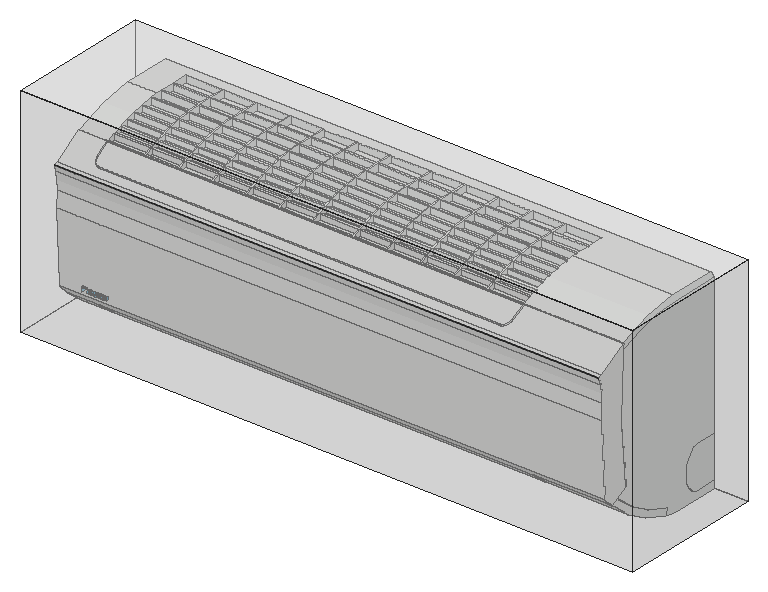
Revit family "outputfile", category 機械設備, Revit 2024
Family settings
  丸型コネクタ寸法 = 半径を使用
  パーツ タイプ = 標準
  OmniClass 番号 = 23.75.10.24.21.27.27
  OmniClass タイトル = Split System Air Conditioning Units
  作業面ベース = いいえ
  常に垂直 = はい
  ロード時にボイドで切り取り = いいえ
  注釈の向きを維持 = いいえ
  共有 = いいえ
  部屋計算ポイント = いいえ
Parameters (values of type "FTV35PBV1MF9")
  Description = ""
  製造元 = "Daikin"
  書き出し IFC クラス(タイプ) = "IfcUnitaryEquipmentType"
  定義済み IFC タイプ(タイプ) = "AIRCONDITIONINGUNIT"
  Cost = 0
  モデル = "FTV35PBV1MF9"
  Type Comments = ""
  Keynote = ""
  Type Image = (empty or 0)
  Assembly Code = ""
  switch_frequency = yes
  r_Liquid Pipe Size = Liquid Pipe Size / 2  # 3.2 mm
  r_Gas Pipe Size = Gas Pipe Size / 2  # 4.75 mm
  r_Drain Pipe Size = Drain Pipe Size / 2  # 9.55 mm
  lw_powersupply [instance] = if(or(Rear Right Connection_refrigerant, Bottom Right Connection_refrigerant), 65.0 mm + 5.3 mm, if(or(Rear Left Connection_refrigerant, Bottom Left Connection_refrigerant), 742.0 mm + 30.0 mm, 400.0 mm))  # 400.0 mm
  lw_liquidpipe [instance] = if(or(Rear Right Connection_refrigerant, Bottom Right Connection_refrigerant), 9.0 mm, if(or(Rear Left Connection_refrigerant, Bottom Left Connection_refrigerant), 668.0 mm + 40.0 mm, 800.0 mm - 592.0 mm - 48.0 mm))  # 160.0 mm
  lw_gaspipe [instance] = if(or(Rear Right Connection_refrigerant, Bottom Right Connection_refrigerant), 0.0 mm, if(or(Rear Left Connection_refrigerant, Bottom Left Connection_refrigerant), 661.0 mm + 30.0 mm, 800.0 mm - 592.0 mm - 49.0 mm - 48.0 mm))  # 111.0 mm
  lw_drainpipe [instance] = if(or(Rear Right Connection_refrigerant, Bottom Right Connection_refrigerant), 0.0 mm, if(or(Rear Left Connection_refrigerant, Bottom Left Connection_refrigerant), 675.0 mm + 30.0 mm, 0.0 mm))  # 0.0 mm
  l_powersupply_length [instance] = if(Right Connection_refrigerant, 400.0 mm, if(Left Connection_refrigerant, 800.0 mm - 400.0 mm, if(or(Rear Left Connection_refrigerant, Rear Right Connection_refrigerant), 15.0 mm, 40.0 mm)))  # 400.0 mm
  l_liquidpipe_length [instance] = if(Right Connection_refrigerant, 800.0 mm - 592.0 mm, if(Left Connection_refrigerant, 800.0 mm - (800.0 mm - 592.0 mm), if(or(Rear Left Connection_refrigerant, Rear Right Connection_refrigerant), 30.0 mm, 40.0 mm)))  # 208.0 mm
  l_gaspipe_length [instance] = if(Right Connection_refrigerant, 800.0 mm - 592.0 mm - 49.0 mm, if(Left Connection_refrigerant, 800.0 mm - (800.0 mm - 592.0 mm - 49.0 mm), if(or(Rear Left Connection_refrigerant, Rear Right Connection_refrigerant), 40.0 mm, 40.0 mm)))  # 159.0 mm
  l_drainpipe_length [instance] = if(Right Connection_refrigerant, 48.0 mm, if(Left Connection_refrigerant, 800.0 mm - 48.0 mm, if(or(Rear Left Connection_refrigerant, Rear Right Connection_refrigerant), 15.0 mm, 20.0 mm)))  # 48.0 mm
  h*** = 0.0 mm  # constant formula
  connector_voltage = Voltage_50Hz  # 230 V
  connector_powerinput = [Power Input (Cooling)]  # 1.040 kW
  connector_phase = Phase_50Hz  # 1
  angle_vertical [instance] = if(or(Bottom Left Connection_refrigerant, Bottom Right Connection_refrigerant), 0.00°, 90.00°)  # 90.00°
  angle_horizontal [instance] = if(Right Connection_refrigerant, 90.00°, if(Left Connection_refrigerant, -90.00°, if(or(Rear Left Connection_refrigerant, Rear Right Connection_refrigerant), 180.00°, 0.00°)))  # 90.00°
  Width = 800.0 mm
  Voltage_comment_50Hz = "220 - 240"
  Voltage_50Hz = 230 V
  Version = "ver.1.0"
  Unit Type = "Wall Mounted"
  Unit Mass Weight = 9.00 kg
  Unit Designation [instance] = ""
  Uniclass2015Version = "Products v1.30"
  Uniclass2015Title = "Split coil room air conditioning units"
  Uniclass2015Code = "Pr_70_65_03_86"
  URL = ""
  Total Cooling Capacity [instance] = 0.000 kW
  Sound Pressure Level_M speed (dBA) = 35
  Sound Pressure Level_L speed (dBA) = 29
  Sound Pressure Level_H speed (dBA) = 39
  Sound Power Level_H speed (dB) = 0
  Series = "Single Split_Fan Coil Unit"
  Sensible Cooling Capacity [instance] = 0.000 kW
  Refrigerant Type = "R32"
  Power Input (Cooling) = 1.040 kW
  Phase_50Hz = 1
  Option Accessory 3 [instance] = ""
  Option Accessory 2 [instance] = ""
  Option Accessory 1 [instance] = ""
  Nominal Cooling Capacity = 3.520 kW
  Minimum Circuit Amps_50Hz = 7.54 A
  Minimum Airflow = 411.00 m³/h
  Median Airflow = 506.00 m³/h
  Maximum Fuse Amps_50Hz = 16.0 A
  Maximum Airflow = 603.00 m³/h
  Material_Casing = DAIKIN_White_Casing_indoorunit
  Load Classification = HVAC
  Liquid Pipe Size = 6.4 mm
  Link_Nested Family [instance] = ""
  IfcVersion = ""
  IfcExportType = "AIRCONDITIONINGUNIT"
  IfcExportAs = "IfcUnitaryEquipmentType"
  Height = 288.0 mm
  Heat Exchanger Type = "Cross Fin Coil"
  Gas Pipe Size = 9.5 mm
  Frequency_50Hz = 50 Hz
  Fan Type = "Cross Flow Fan"
  Fan Drive = "-"
  FCU Tag No. [instance] = ""
  Drain Pipe Size = 19.1 mm
  Design Supply Airflow [instance] = 0.00 m³/h
  Depth = 212.0 mm
  既定の高さ = 0.0 mm
  Cooling Entering Wet Bulb Temperature [instance] = 0.00 °C
  Cooling Entering Dry Bulb Temperature [instance] = 0.00 °C
  Cooling Ambient Wet Bulb Temperature [instance] = 0.00 °C
  Cooling Ambient Dry Bulb Temperature [instance] = 0.00 °C
  Clearance visibility [instance] = yes
  Clearance Top = 30.0 mm
  Clearance Right = 50.0 mm
  Clearance Rear = 0.0 mm
  Clearance Left = 50.0 mm
  Clearance Front = 0.0 mm
  Clearance Bottom = 0.0 mm
  Bottom Right Connection_refrigerant [instance] = no
  Bottom Left Connection_refrigerant [instance] = no
  Rear Right Connection_refrigerant [instance] = no
  Rear Left Connection_refrigerant [instance] = no
  Right Connection_refrigerant [instance] = yes
  Left Connection_refrigerant [instance] = no
Reference planes
  plane 1 "Back": y = 0
  plane 2: z = 0
  plane 3 "Center (Left/Right)": x = 0
  plane 4 "Center (Front/Back)": y = -106
  plane 5 "Front": y = -212
  plane 6 "Left": x = -400
  plane 7 "Right": x = 400
  plane 8 "Top": z = 0
  plane 9 "Bottom": z = -288
  plane 10: x = -450
  plane 11: x = 450
  plane 12: y = 0
  plane 13: y = -212
  plane 14: z = 30
  plane 15: z = -288
  plane 16 "lw_Piping and Wiring intake": x = 352
  plane 17 "lw_gaspipe": x = 241
  plane 18 "lw_liquidpipe": x = 192
  plane 19 "lw_drainpipe": x = 352
  plane 20 "lh_drainpipe": z = -268
  plane 21 "lh_liquidpipe": z = -248
  plane 22 "lh_gaspipe": z = -248
  plane 23 "ld_drainpipe": y = -15
  plane 24 "ld_liquidpipe": y = -30
  plane 25 "ld_gaspipe": y = -40
  plane 26 "lw_powersupply": x = 0
Dimensions and locks
  equal spacing: plane 6 "Left", plane 3 "Center (Left/Right)", plane 7 "Right"
  "Width": plane 6 "Left" to plane 7 "Right"
  equal spacing: plane 5 "Front", plane 4 "Center (Front/Back)", plane 1 "Back"
  "Depth": plane 5 "Front" to plane 1 "Back"
  "Height": plane 8 "Top" to plane 9 "Bottom"
  "Clearance Rear": plane 12 to plane 1 "Back"
  "Clearance Front": plane 13 to plane 5 "Front"
  "Clearance Top": plane 14 to plane 8 "Top"
  "Clearance Bottom": plane 9 "Bottom" to plane 15
  locked: plane 16 "lw_Piping and Wiring intake" to plane 7 "Right" at 48
  "lw_gaspipe": plane 17 "lw_gaspipe" to plane 16 "lw_Piping and Wiring intake"
  "lw_liquidpipe": plane 18 "lw_liquidpipe" to plane 16 "lw_Piping and Wiring intake"
  "lw_drainpipe": plane 19 "lw_drainpipe" to plane 16 "lw_Piping and Wiring intake"
  locked: plane 20 "lh_drainpipe" to plane 9 "Bottom" at 20
  locked: plane 21 "lh_liquidpipe" to plane 9 "Bottom" at 40
  locked: plane 22 "lh_gaspipe" to plane 9 "Bottom" at 40
  locked: plane 23 "ld_drainpipe" to plane 1 "Back" at 15
  locked: plane 1 "Back" to plane 24 "ld_liquidpipe" at 30
  locked: plane 1 "Back" to plane 25 "ld_gaspipe" at 40
  "lw_powersupply": plane 26 "lw_powersupply" to plane 7 "Right"
  "Clearance Left": plane 10 to plane 6 "Left"
  "Clearance Right": plane 7 "Right" to plane 11
  plane 6 "Left" to plane 18 "lw_liquidpipe" = 592.0 mm
  plane 18 "lw_liquidpipe" to plane 17 "lw_gaspipe" = 49.0 mm
  aligned and locked: level to plane 2
  aligned and locked: plane 12 to nested 1
  aligned and locked: nested 1 to plane 13
  aligned and locked: plane 10 to nested 1
  aligned and locked: plane 11 to nested 1
  aligned and locked: plane 17 "lw_gaspipe" to nested 2
  aligned and locked: nested 2 to plane 25 "ld_gaspipe"
  aligned and locked: plane 18 "lw_liquidpipe" to nested 3
  aligned and locked: nested 3 to plane 24 "ld_liquidpipe"
  aligned and locked: plane 19 "lw_drainpipe" to nested 4
  aligned and locked: nested 4 to plane 23 "ld_drainpipe"
  aligned and locked: nested 5 to plane 23 "ld_drainpipe"
  aligned and locked: plane 26 "lw_powersupply" to nested 5
  aligned and locked: level to plane 8 "Top"
  aligned and locked: plane 14 to nested 1
  aligned and locked: plane 15 to nested 1
  aligned and locked: plane 3 "Center (Left/Right)" to nested 6
  aligned and locked: plane 1 "Back" to nested 6
  aligned and locked: plane 8 "Top" to nested 6
Nested families
  nested 1: "daikin_clearancespace" at (0, -106, -128.881), show <- "Clearance visibility", visible <- "Clearance visibility", Link_Nested Family <- "Link_Nested Family", type "daikin_clearancespace"
    with width 900.0 mm, show yes, height 318.0 mm, depth 212.0 mm, Link_Nested Family ""
  nested 2: "daikin_connector_rotate3" at (241, -40, -248), angle_vertical <- "angle_vertical", angle_horizontal <- "angle_horizontal", length <- "l_gaspipe_length", radius <- "r_Gas Pipe Size", type "daikin_connector_rotate3"
    with show no, radius 4.75 mm, length 159.0 mm, angle_vertical 90.00°, angle_horizontal 90.00°
  nested 3: "daikin_connector_rotate3" at (192, -30, -248), angle_vertical <- "angle_vertical", angle_horizontal <- "angle_horizontal", radius <- "r_Liquid Pipe Size", length <- "l_liquidpipe_length", type "daikin_connector_rotate3"
    with show no, radius 3.2 mm, length 208.0 mm, angle_vertical 90.00°, angle_horizontal 90.00°
  nested 4: "daikin_connector_rotate3" at (352, -15, -268), angle_vertical <- "angle_vertical", angle_horizontal <- "angle_horizontal", length <- "l_drainpipe_length", radius <- "r_Drain Pipe Size", type "daikin_connector_rotate3"
    with show no, radius 9.55 mm, length 48.0 mm, angle_vertical 90.00°, angle_horizontal 90.00°
  nested 5: "daikin_connector_rotate3" at (0, -15, -248), angle_vertical <- "angle_vertical", angle_horizontal <- "angle_horizontal", length <- "l_powersupply_length", type "daikin_connector_rotate3"
    with show no, radius 10.0 mm, length 400.0 mm, angle_vertical 90.00°, angle_horizontal 90.00°
  nested 6: "DAIKIN_indoorunit_FTV-PBV1MF9" at (-31, 0, 0), type "FTV-PBV1MF9"
Connectors
  piping at (400, -40, -248), diameter 9.5, driven by "r_Gas Pipe Size"
    settings: on nested 2, index 1, connector inside diameter 609.6 mm, connector length 0.0 mm, flow factor 0, pipe flow 0.00 m³/h, pressure drop 0.0 Pa, fitting loss kfactor 0, connector angle 0.00°, fixture units 0, engagement length 0.0 mm, angle of deflection 0.00°, flow configuration 1, flow direction 2, fitting loss method 0, system type 29, joint type 0, gender type 0, connector reference index -1, connector utility 0, adjustable connector no, is connector primary yes, connector description "Refrigerant Gas Piping"
  piping at (400, -30, -248), diameter 6.4, driven by "r_Liquid Pipe Size"
    settings: on nested 3, index 2, connector inside diameter 609.6 mm, connector length 0.0 mm, flow factor 0, pipe flow 0.00 m³/h, pressure drop 0.0 Pa, fitting loss kfactor 0, connector angle 0.00°, fixture units 0, engagement length 0.0 mm, angle of deflection 0.00°, flow configuration 1, flow direction 1, fitting loss method 0, system type 29, joint type 0, gender type 0, connector reference index -1, connector utility 0, adjustable connector no, is connector primary no, connector description "Refrigerant Liquid Piping"
  piping at (400, -15, -268), diameter 19.1, driven by "r_Drain Pipe Size"
    settings: on nested 4, index 3, connector inside diameter 609.6 mm, connector length 0.0 mm, flow factor 0, pipe flow 0.00 m³/h, pressure drop 0.0 Pa, fitting loss kfactor 0, connector angle 0.00°, fixture units 0, engagement length 0.0 mm, angle of deflection 0.00°, flow configuration 1, flow direction 2, fitting loss method 4, system type 16, joint type 0, gender type 0, connector reference index -1, connector utility 0, adjustable connector no, is connector primary no, connector description "Condensate Drain Piping"
  electrical at (400, -15, -248), driven by "Load Classification", driven by "connector_voltage", driven by "connector_powerinput", driven by "connector_phase"
    settings: on nested 5, index 4, voltage 230 V, apparent load 1040 VA, apparent load phase1 0 VA, apparent load phase2 0 VA, apparent load phase3 0 VA, power factor 1, load classification "HVAC", number of poles 1, system type 30, power factor state 1, is connector primary yes, connector utility no, sub classification motor no, connector description "Power Supply"
Definition of nested family "daikin_clearancespace"
  Parameters (values of type "daikin_clearancespace")
    Description = "daikin_clearancespace"
    width [instance] = 1823.963 mm
    show [instance] = yes
    material = none
    height [instance] = 1359.762 mm
    depth [instance] = 880.0 mm
    Default Elevation = 0.0 mm
    Link_Nested Family [instance] = ""
  Reference planes
    plane 1 "Center (Front/Back)": y = 0
    plane 2 "Center (Elevation)": z = -0.119
    plane 3 "Center (Left/Right)": x = 0
    plane 4: y = 440
    plane 5: y = -440
    plane 6 "Right": x = 911.982
    plane 7 "Left": x = -911.982
    plane 8 "Top": z = 679.762
    plane 9 "Bottom": z = -680
  Forms (mm)
    Extrusion 1, solid, material <- "material", visible <- "show"
      sketch origin (0, 0, 0) x (1, 0, 0) y (0, 1, 0)
        loop
          line (-911.982, 440) -> (-911.982, -440) -> (911.982, -440) -> (911.982, 440) -> (-911.982, 440)
      from -680 to 679.762
  Lines and regions (mm)
    symbolic lines, visible <- "show"
      curve 1: line (911.982, 440, 0) -> (-911.982, 440, 0)
      curve 2: line (-911.982, 440, 0) -> (-911.982, -440, 0)
      curve 3: line (-911.982, -440, 0) -> (911.982, -440, 0)
      curve 4: line (911.982, -440, 0) -> (911.982, 440, 0)
      curve 5: line (911.982, 0, 679.762) -> (-911.982, 0, 679.762)
      curve 6: line (911.982, 0, -680) -> (911.982, 0, 679.762)
      curve 7: line (-911.982, 0, -680) -> (911.982, 0, -680)
      curve 8: line (-911.982, 0, 679.762) -> (-911.982, 0, -680)
      curve 9: line (0, 440, 679.762) -> (0, -440, 679.762)
      curve 10: line (0, -440, 679.762) -> (0, -440, -680)
      curve 11: line (0, 440, -680) -> (0, 440, 679.762)
      curve 12: line (0, -440, -680) -> (0, 440, -680)
  Dimensions and locks
    "width": plane 7 "Left" to plane 6 "Right"
    "depth": plane 4 to plane 5
    "height": plane 8 "Top" to plane 9 "Bottom"
    equal spacing: plane 7 "Left", plane 3 "Center (Left/Right)", plane 6 "Right"
    equal spacing: plane 4, plane 1 "Center (Front/Back)", plane 5
    equal spacing: plane 8 "Top", plane 2 "Center (Elevation)", plane 9 "Bottom"
    aligned and locked: level to plane 2 "Center (Elevation)"
    aligned and locked: Extrusion 1 sketch curve to plane 4
    aligned and locked: plane 7 "Left" to Extrusion 1 sketch curve
    aligned and locked: Extrusion 1 sketch curve to plane 5
    aligned and locked: Extrusion 1 sketch curve to plane 6 "Right"
    aligned and locked: plane 8 "Top" to Extrusion 1
    aligned and locked: curve 1 to Extrusion 1
    aligned and locked: curve 2 to Extrusion 1
    aligned and locked: curve 3 to Extrusion 1
    aligned and locked: curve 4 to Extrusion 1
    aligned and locked: curve 5 to Extrusion 1
    aligned and locked: curve 6 to Extrusion 1
    aligned and locked: curve 7 to Extrusion 1
    aligned and locked: curve 8 to Extrusion 1
    aligned and locked: curve 9 to Extrusion 1
    aligned and locked: curve 10 to Extrusion 1
    aligned and locked: curve 11 to Extrusion 1
    aligned and locked: curve 12 to Extrusion 1
    aligned and locked: Extrusion 1 to plane 9 "Bottom"
Definition of nested family "DAIKIN_indoorunit_FTV-PBV1MF9"
  Parameters (values of type "FTV-PBV1MF9")
    Width = 800.0 mm
    Material_Casing = none
    Height = 288.0 mm
    Default Elevation = 0.0 mm
  Reference planes
    plane 1 "Center (Front/Back)": y = 0
    plane 2 "reference_level": z = 0
    plane 3 "Center (Left/Right)": x = 31
    plane 4: y = -212
    plane 5: x = -369
    plane 6: x = 431
    plane 7: x = -369
    plane 8: x = 431
    plane 9: z = -288
  Forms (mm)
    Extrusion 1, solid, material <- "Material_Casing"
      sketch origin (31, 0, 0) x (0, 1, 0) y (0, 0, 1)
        loop
          arc (-167.658, -37.907) -> (-181.072, -45.445) -> (-193.973, -53.831) r 238.983
          arc (-193.973, -53.831) -> (-198.179, -56.235) -> (-202.744, -57.855) r 27.19
          line (-202.744, -57.855) -> (-209.233, -59.409)
          arc (-209.233, -59.409) -> (-206.876, -72.128) -> (-206.426, -85.056) r 87.213
          line (-206.426, -85.056) -> (-207.343, -108.316)
          arc (-207.343, -108.316) -> (-206.958, -161.328) -> (-201.625, -214.072) r 567.254
          arc (-201.625, -214.072) -> (-194.69, -221.539) -> (-187.446, -228.706) r 240.501
          line (-187.446, -228.706) -> (-164.341, -215.366)
          arc (-164.341, -215.366) -> (-170.74, -126.725) -> (-167.658, -37.907) r 832.797
      from -400 to 400
    Extrusion 2, void
      sketch origin (33, 0, 0) x (1, 0, 0) y (0, 1, 0)
        loop
          line (-306.3, -45.991) -> (-306.3, -22.991) -> (-359.5, -22.991) -> (-359.5, -45.991) -> (-306.3, -45.991)
        loop
          line (-306.3, -67.491) -> (-306.3, -47.991) -> (-359.5, -47.991) -> (-359.5, -67.491) -> (-306.3, -67.491)
        loop
          line (-306.3, -69.491) -> (-359.5, -69.491) -> (-359.5, -86.209) -> (-306.3, -86.209) -> (-306.3, -69.491)
        loop
          line (-306.3, -87.991) -> (-359.5, -87.991) -> (-359.5, -102.991) -> (-306.3, -102.991) -> (-306.3, -87.991)
        loop
          line (-306.3, -104.991) -> (-359.5, -104.991) -> (-359.5, -117.491) -> (-306.3, -117.491) -> (-306.3, -104.991)
        loop
          line (-306.3, -119.491) -> (-359.5, -119.491) -> (-359.5, -129.991) -> (-306.3, -129.991) -> (-306.3, -119.491)
        loop
          line (-306.3, -131.991) -> (-359.5, -131.991) -> (-359.5, -141.491) -> (-306.3, -141.491) -> (-306.3, -131.991)
        loop
          line (-306.3, -143.491) -> (-359.5, -143.491) -> (-359.5, -152.991) -> (-306.3, -152.991) -> (-306.3, -143.491)
        loop
          line (-306.3, -154.991) -> (-359.5, -154.991) -> (-359.5, -165) -> (-306.3, -165) -> (-306.3, -154.991)
        loop
          line (-304.3, -22.991) -> (-304.3, -45.991) -> (-257.1, -45.991) -> (-257.1, -22.991) -> (-304.3, -22.991)
        loop
          line (-257.1, -47.991) -> (-304.3, -47.991) -> (-304.3, -67.491) -> (-257.1, -67.491) -> (-257.1, -47.991)
        loop
          line (-304.3, -69.491) -> (-304.3, -85.991) -> (-257.1, -85.991) -> (-257.1, -69.491) -> (-304.3, -69.491)
        loop
          line (-257.1, -87.991) -> (-304.3, -87.991) -> (-304.3, -102.991) -> (-257.1, -102.991) -> (-257.1, -87.991)
        loop
          line (-304.3, -104.991) -> (-304.3, -117.491) -> (-257.1, -117.491) -> (-257.1, -104.991) -> (-304.3, -104.991)
        loop
          line (-257.1, -119.491) -> (-304.3, -119.491) -> (-304.3, -129.991) -> (-257.1, -129.991) -> (-257.1, -119.491)
        loop
          line (-304.3, -131.991) -> (-304.3, -141.491) -> (-257.1, -141.491) -> (-257.1, -131.991) -> (-304.3, -131.991)
        loop
          line (-257.1, -143.491) -> (-304.3, -143.491) -> (-304.3, -152.991) -> (-257.1, -152.991) -> (-257.1, -143.491)
        loop
          line (-304.3, -154.991) -> (-304.3, -165) -> (-257.1, -165) -> (-257.1, -154.991) -> (-304.3, -154.991)
        loop
          line (-255.1, -22.991) -> (-255.1, -45.991) -> (-207.9, -45.991) -> (-207.9, -22.991) -> (-255.1, -22.991)
        loop
          line (-207.9, -47.991) -> (-255.1, -47.991) -> (-255.1, -67.491) -> (-207.9, -67.491) -> (-207.9, -47.991)
        loop
          line (-255.1, -69.491) -> (-255.1, -85.991) -> (-207.9, -85.991) -> (-207.9, -69.491) -> (-255.1, -69.491)
        loop
          line (-207.9, -87.991) -> (-255.1, -87.991) -> (-255.1, -102.991) -> (-207.9, -102.991) -> (-207.9, -87.991)
        loop
          line (-255.1, -104.991) -> (-255.1, -117.491) -> (-207.9, -117.491) -> (-207.9, -104.991) -> (-255.1, -104.991)
        loop
          line (-207.9, -119.491) -> (-255.1, -119.491) -> (-255.1, -129.991) -> (-207.9, -129.991) -> (-207.9, -119.491)
        loop
          line (-255.1, -131.991) -> (-255.1, -141.491) -> (-207.9, -141.491) -> (-207.9, -131.991) -> (-255.1, -131.991)
        loop
          line (-207.9, -143.491) -> (-255.1, -143.491) -> (-255.1, -152.991) -> (-207.9, -152.991) -> (-207.9, -143.491)
        loop
          line (-255.1, -154.991) -> (-255.1, -165) -> (-207.9, -165) -> (-207.9, -154.991) -> (-255.1, -154.991)
        loop
          line (-205.9, -22.991) -> (-205.9, -45.991) -> (-158.7, -45.991) -> (-158.7, -22.991) -> (-205.9, -22.991)
        loop
          line (-158.7, -47.991) -> (-205.9, -47.991) -> (-205.9, -67.491) -> (-158.7, -67.491) -> (-158.7, -47.991)
        loop
          line (-205.9, -69.491) -> (-205.9, -85.991) -> (-158.7, -85.991) -> (-158.7, -69.491) -> (-205.9, -69.491)
        loop
          line (-158.7, -87.991) -> (-205.9, -87.991) -> (-205.9, -102.991) -> (-158.7, -102.991) -> (-158.7, -87.991)
        loop
          line (-205.9, -104.991) -> (-205.9, -117.491) -> (-158.7, -117.491) -> (-158.7, -104.991) -> (-205.9, -104.991)
        loop
          line (-158.7, -119.491) -> (-205.9, -119.491) -> (-205.9, -129.991) -> (-158.7, -129.991) -> (-158.7, -119.491)
        loop
          line (-205.9, -131.991) -> (-205.9, -141.491) -> (-158.7, -141.491) -> (-158.7, -131.991) -> (-205.9, -131.991)
        loop
          line (-158.7, -143.491) -> (-205.9, -143.491) -> (-205.9, -152.991) -> (-158.7, -152.991) -> (-158.7, -143.491)
        loop
          line (-205.9, -154.991) -> (-205.9, -165) -> (-158.7, -165) -> (-158.7, -154.991) -> (-205.9, -154.991)
        loop
          line (-156.7, -22.991) -> (-156.7, -45.991) -> (-109.5, -45.991) -> (-109.5, -22.991) -> (-156.7, -22.991)
        loop
          line (-109.5, -47.991) -> (-156.7, -47.991) -> (-156.7, -67.491) -> (-109.5, -67.491) -> (-109.5, -47.991)
        loop
          line (-156.7, -69.491) -> (-156.7, -85.991) -> (-109.5, -85.991) -> (-109.5, -69.491) -> (-156.7, -69.491)
        loop
          line (-109.5, -87.991) -> (-156.7, -87.991) -> (-156.7, -102.991) -> (-109.5, -102.991) -> (-109.5, -87.991)
        loop
          line (-156.7, -104.991) -> (-156.7, -117.491) -> (-109.5, -117.491) -> (-109.5, -104.991) -> (-156.7, -104.991)
        loop
          line (-109.5, -119.491) -> (-156.7, -119.491) -> (-156.7, -129.991) -> (-109.5, -129.991) -> (-109.5, -119.491)
        loop
          line (-156.7, -131.991) -> (-156.7, -141.491) -> (-109.5, -141.491) -> (-109.5, -131.991) -> (-156.7, -131.991)
        loop
          line (-109.5, -143.491) -> (-156.7, -143.491) -> (-156.7, -152.991) -> (-109.5, -152.991) -> (-109.5, -143.491)
        loop
          line (-156.7, -154.991) -> (-156.7, -165) -> (-109.5, -165) -> (-109.5, -154.991) -> (-156.7, -154.991)
        loop
          line (-107.5, -22.991) -> (-107.5, -45.991) -> (-60.3, -45.991) -> (-60.3, -22.991) -> (-107.5, -22.991)
        loop
          line (-60.3, -47.991) -> (-107.5, -47.991) -> (-107.5, -67.491) -> (-60.3, -67.491) -> (-60.3, -47.991)
        loop
          line (-107.5, -69.491) -> (-107.5, -85.991) -> (-60.3, -85.991) -> (-60.3, -69.491) -> (-107.5, -69.491)
        loop
          line (-60.3, -87.991) -> (-107.5, -87.991) -> (-107.5, -102.991) -> (-60.3, -102.991) -> (-60.3, -87.991)
        loop
          line (-107.5, -104.991) -> (-107.5, -117.491) -> (-60.3, -117.491) -> (-60.3, -104.991) -> (-107.5, -104.991)
        loop
          line (-60.3, -119.491) -> (-107.5, -119.491) -> (-107.5, -129.991) -> (-60.3, -129.991) -> (-60.3, -119.491)
        loop
          line (-107.5, -131.991) -> (-107.5, -141.491) -> (-60.3, -141.491) -> (-60.3, -131.991) -> (-107.5, -131.991)
        loop
          line (-60.3, -143.491) -> (-107.5, -143.491) -> (-107.5, -152.991) -> (-60.3, -152.991) -> (-60.3, -143.491)
        loop
          line (-107.5, -154.991) -> (-107.5, -165) -> (-60.3, -165) -> (-60.3, -154.991) -> (-107.5, -154.991)
        loop
          line (1.5, -22.991) -> (1.5, -45.991) -> (48.7, -45.991) -> (48.7, -22.991) -> (1.5, -22.991)
        loop
          line (48.7, -47.991) -> (1.5, -47.991) -> (1.5, -67.491) -> (48.7, -67.491) -> (48.7, -47.991)
        loop
          line (1.5, -69.491) -> (1.5, -85.991) -> (48.7, -85.991) -> (48.7, -69.491) -> (1.5, -69.491)
        loop
          line (48.7, -87.991) -> (1.5, -87.991) -> (1.5, -102.991) -> (48.7, -102.991) -> (48.7, -87.991)
        loop
          line (1.5, -104.991) -> (1.5, -117.491) -> (48.7, -117.491) -> (48.7, -104.991) -> (1.5, -104.991)
        loop
          line (48.7, -119.491) -> (1.5, -119.491) -> (1.5, -129.991) -> (48.7, -129.991) -> (48.7, -119.491)
        loop
          line (1.5, -131.991) -> (1.5, -141.491) -> (48.7, -141.491) -> (48.7, -131.991) -> (1.5, -131.991)
        loop
          line (48.7, -143.491) -> (1.5, -143.491) -> (1.5, -152.991) -> (48.7, -152.991) -> (48.7, -143.491)
        loop
          line (1.5, -154.991) -> (1.5, -165) -> (48.7, -165) -> (48.7, -154.991) -> (1.5, -154.991)
        loop
          line (50.7, -22.991) -> (50.7, -45.991) -> (97.9, -45.991) -> (97.9, -22.991) -> (50.7, -22.991)
        loop
          line (97.9, -47.991) -> (50.7, -47.991) -> (50.7, -67.491) -> (97.9, -67.491) -> (97.9, -47.991)
        loop
          line (50.7, -69.491) -> (50.7, -85.991) -> (97.9, -85.991) -> (97.9, -69.491) -> (50.7, -69.491)
        loop
          line (97.9, -87.991) -> (50.7, -87.991) -> (50.7, -102.991) -> (97.9, -102.991) -> (97.9, -87.991)
        loop
          line (50.7, -104.991) -> (50.7, -117.491) -> (97.9, -117.491) -> (97.9, -104.991) -> (50.7, -104.991)
        loop
          line (97.9, -119.491) -> (50.7, -119.491) -> (50.7, -129.991) -> (97.9, -129.991) -> (97.9, -119.491)
        loop
          line (50.7, -131.991) -> (50.7, -141.491) -> (97.9, -141.491) -> (97.9, -131.991) -> (50.7, -131.991)
        loop
          line (97.9, -143.491) -> (50.7, -143.491) -> (50.7, -152.991) -> (97.9, -152.991) -> (97.9, -143.491)
        loop
          line (50.7, -154.991) -> (50.7, -165) -> (97.9, -165) -> (97.9, -154.991) -> (50.7, -154.991)
        loop
          line (99.9, -22.991) -> (99.9, -45.991) -> (147.1, -45.991) -> (147.1, -22.991) -> (99.9, -22.991)
        loop
          line (147.1, -47.991) -> (99.9, -47.991) -> (99.9, -67.491) -> (147.1, -67.491) -> (147.1, -47.991)
        loop
          line (99.9, -69.491) -> (99.9, -85.991) -> (147.1, -85.991) -> (147.1, -69.491) -> (99.9, -69.491)
        loop
          line (147.1, -87.991) -> (99.9, -87.991) -> (99.9, -102.991) -> (147.1, -102.991) -> (147.1, -87.991)
        loop
          line (99.9, -104.991) -> (99.9, -117.491) -> (147.1, -117.491) -> (147.1, -104.991) -> (99.9, -104.991)
        loop
          line (147.1, -119.491) -> (99.9, -119.491) -> (99.9, -129.991) -> (147.1, -129.991) -> (147.1, -119.491)
        loop
          line (99.9, -131.991) -> (99.9, -141.491) -> (147.1, -141.491) -> (147.1, -131.991) -> (99.9, -131.991)
        loop
          line (147.1, -143.491) -> (99.9, -143.491) -> (99.9, -152.991) -> (147.1, -152.991) -> (147.1, -143.491)
        loop
          line (99.9, -154.991) -> (99.9, -165) -> (147.1, -165) -> (147.1, -154.991) -> (99.9, -154.991)
        loop
          line (149.1, -22.991) -> (149.1, -45.991) -> (196.3, -45.991) -> (196.3, -22.991) -> (149.1, -22.991)
        loop
          line (196.3, -47.991) -> (149.1, -47.991) -> (149.1, -67.491) -> (196.3, -67.491) -> (196.3, -47.991)
        loop
          line (149.1, -69.491) -> (149.1, -85.991) -> (196.3, -85.991) -> (196.3, -69.491) -> (149.1, -69.491)
        loop
          line (196.3, -87.991) -> (149.1, -87.991) -> (149.1, -102.991) -> (196.3, -102.991) -> (196.3, -87.991)
        loop
          line (149.1, -104.991) -> (149.1, -117.491) -> (196.3, -117.491) -> (196.3, -104.991) -> (149.1, -104.991)
        loop
          line (196.3, -119.491) -> (149.1, -119.491) -> (149.1, -129.991) -> (196.3, -129.991) -> (196.3, -119.491)
        loop
          line (149.1, -131.991) -> (149.1, -141.491) -> (196.3, -141.491) -> (196.3, -131.991) -> (149.1, -131.991)
        loop
          line (196.3, -143.491) -> (149.1, -143.491) -> (149.1, -152.991) -> (196.3, -152.991) -> (196.3, -143.491)
        loop
          line (149.1, -154.991) -> (149.1, -165) -> (196.3, -165) -> (196.3, -154.991) -> (149.1, -154.991)
        loop
          line (198.3, -22.991) -> (198.3, -45.991) -> (251.5, -45.991) -> (251.5, -22.991) -> (198.3, -22.991)
        loop
          line (251.5, -47.991) -> (198.3, -47.991) -> (198.3, -67.491) -> (251.5, -67.491) -> (251.5, -47.991)
        loop
          line (198.3, -69.491) -> (198.3, -85.991) -> (251.5, -85.991) -> (251.5, -69.491) -> (198.3, -69.491)
        loop
          line (251.5, -87.991) -> (198.3, -87.991) -> (198.3, -102.991) -> (251.5, -102.991) -> (251.5, -87.991)
        loop
          line (198.3, -104.991) -> (198.3, -117.491) -> (251.5, -117.491) -> (251.5, -104.991) -> (198.3, -104.991)
        loop
          line (251.5, -119.491) -> (198.3, -119.491) -> (198.3, -129.991) -> (251.5, -129.991) -> (251.5, -119.491)
        loop
          line (198.3, -131.991) -> (198.3, -141.491) -> (251.5, -141.491) -> (251.5, -131.991) -> (198.3, -131.991)
        loop
          line (251.5, -143.491) -> (198.3, -143.491) -> (198.3, -152.991) -> (251.5, -152.991) -> (251.5, -143.491)
        loop
          line (198.3, -154.991) -> (198.3, -165) -> (251.5, -165) -> (251.5, -154.991) -> (198.3, -154.991)
        loop
          line (-58.3, -22.991) -> (-58.3, -45.991) -> (-0.5, -45.991) -> (-0.5, -22.991) -> (-58.3, -22.991)
        loop
          line (-0.5, -47.991) -> (-58.3, -47.991) -> (-58.3, -67.491) -> (-0.5, -67.491) -> (-0.5, -47.991)
        loop
          line (-58.3, -69.491) -> (-58.3, -85.991) -> (-0.5, -85.991) -> (-0.5, -69.491) -> (-58.3, -69.491)
        loop
          line (-0.5, -87.991) -> (-58.3, -87.991) -> (-58.3, -102.991) -> (-0.5, -102.991) -> (-0.5, -87.991)
        loop
          line (-58.3, -104.991) -> (-58.3, -117.491) -> (-0.5, -117.491) -> (-0.5, -104.991) -> (-58.3, -104.991)
        loop
          line (-0.5, -119.491) -> (-58.3, -119.491) -> (-58.3, -129.991) -> (-0.5, -129.991) -> (-0.5, -119.491)
        loop
          line (-58.3, -131.991) -> (-58.3, -141.491) -> (-0.5, -141.491) -> (-0.5, -131.991) -> (-58.3, -131.991)
        loop
          line (-0.5, -143.491) -> (-58.3, -143.491) -> (-58.3, -152.991) -> (-0.5, -152.991) -> (-0.5, -143.491)
        loop
          line (-58.3, -154.991) -> (-58.3, -165) -> (-0.5, -165) -> (-0.5, -154.991) -> (-58.3, -154.991)
      from -40.013 to 47.268
    Extrusion 3, solid, material <- "Material_Casing"
      sketch origin (418, 1296.25, 1200) x (0, 1, 0) y (0, 0, 1)
        loop
          line (-1473.873, -1424.191) -> (-1482.936, -1429.424)
          arc (-1482.936, -1429.424) -> (-1437.753, -1462.876) -> (-1386.039, -1484.925) r 240.501
          line (-1386.039, -1484.925) -> (-1383.459, -1475.26)
          arc (-1383.459, -1475.26) -> (-1431.579, -1454.883) -> (-1473.873, -1424.191) r 230.501
      from 13 to -104
    Extrusion 4, solid, material <- "Material_Casing"
      sketch origin (431, 1296.25, 1200) x (0, -1, 0) y (0, 0, 1)
        loop
          line (1296.25, -1416) -> (1296.25, -1477) -> (1324.531, -1477)
          arc (1324.531, -1477) -> (1340.087, -1470.556) -> (1346.531, -1455) r 22
          line (1346.531, -1455) -> (1346.531, -1438)
          arc (1346.531, -1438) -> (1340.087, -1422.444) -> (1324.531, -1416) r 22
          line (1324.531, -1416) -> (1296.25, -1416)
      from 0 to 5
    Extrusion 5, solid, material <- "Material_Casing"
      sketch origin (31, 200, -288) x (-1, 0, 0) y (0, -1, 0)
        loop
          line (385, 200) -> (385, 228.281)
          arc (385, 228.281) -> (378.556, 243.837) -> (363, 250.281) r 22
          line (363, 250.281) -> (346, 250.281)
          arc (346, 250.281) -> (330.444, 243.837) -> (324, 228.281) r 22
          line (324, 228.281) -> (324, 200) -> (385, 200)
        loop
          line (-372, 200) -> (-311, 200) -> (-311, 228.281)
          arc (-311, 228.281) -> (-317.444, 243.837) -> (-333, 250.281) r 22
          line (-333, 250.281) -> (-350, 250.281)
          arc (-350, 250.281) -> (-365.556, 243.837) -> (-372, 228.281) r 22
          line (-372, 228.281) -> (-372, 200)
      from 0 to 5
    Extrusion 6, solid, material <- "Material_Casing"
      sketch origin (0, 0, 0) x (1, 0, 0) y (0, 1, 0)
        loop
          arc (-327.717, -167) -> (-327.08, -176.795) -> (-326.264, -186.577) r 532.302
          arc (-326.264, -186.577) -> (-322.859, -193.29) -> (-315.837, -196) r 10.5
          line (-315.837, -196) -> (272.837, -196)
          arc (272.837, -196) -> (279.86, -193.29) -> (283.264, -186.577) r 10.5
          arc (283.264, -186.577) -> (284.081, -176.795) -> (284.717, -167) r 532.302
          line (284.717, -167) -> (-327.717, -167)
      from 0 to -64.738
    Extrusion 7, void
      sketch origin (31, 0, 0) x (0, 1, 0) y (0, 0, 1)
        loop
          line (-161.353, 6.246) -> (-204.673, 6.246) -> (-204.673, -68.754) -> (-161.353, -68.754) -> (-161.353, 6.246)
        loop
          arc (-166.353, -24.387) -> (-182.505, -32.935) -> (-197.991, -42.638) r 250.383
          line (-197.991, -42.638) -> (-197.991, -56.693)
          arc (-197.991, -56.693) -> (-183.175, -46.733) -> (-167.658, -37.907) r 238.983
          arc (-167.658, -37.907) -> (-167.033, -31.144) -> (-166.353, -24.387) r 832.797
      from -385 to 385
    Extrusion 8, solid, material <- "Material_Casing"
      sketch origin (31, 0, -50) x (0, 1, 0) y (0, 0, 1)
        loop
          line (0, -238) -> (0, 40) -> (-75.78, 40)
          arc (-75.78, 40) -> (-122.232, 34.466) -> (-166.084, 18.173) r 197.718
          arc (-166.084, 18.173) -> (-169.674, -73.941) -> (-163.264, -165.901) r 849.712
          line (-163.264, -165.901) -> (-177.622, -174.191)
          arc (-177.622, -174.191) -> (-135.329, -204.883) -> (-87.209, -225.26) r 230.501
          line (-87.209, -225.26) -> (-89.788, -234.923)
          arc (-89.788, -234.923) -> (-78.072, -237.167) -> (-66.172, -238) r 100.04
          line (-66.172, -238) -> (0, -238)
      from -400 to 400
    Extrusion 9, solid, material <- "Material_Casing"
      sketch origin (-369, 1296.25, 1200) x (0, -1, 0) y (0, 0, -1)
        loop
          line (1296.25, 1416) -> (1324.531, 1416)
          arc (1324.531, 1416) -> (1340.087, 1422.444) -> (1346.531, 1438) r 22
          line (1346.531, 1438) -> (1346.531, 1455)
          arc (1346.531, 1455) -> (1340.087, 1470.556) -> (1324.531, 1477) r 22
          line (1324.531, 1477) -> (1296.25, 1477) -> (1296.25, 1416)
      from 0 to 5
    Extrusion 10, solid, material <- "Material_Casing"
      sketch origin (31, 0, -20) x (0, 1, 0) y (0, 0, 1)
        loop
          line (-75.78, 10) -> (0, 10) -> (-6.985, 20) -> (-76.159, 20)
          arc (-76.159, 20) -> (-121.824, 12.276) -> (-165.287, -3.721) r 250.522
          arc (-165.287, -3.721) -> (-165.695, -7.773) -> (-166.084, -11.827) r 849.712
          arc (-166.084, -11.827) -> (-122.232, 4.466) -> (-75.78, 10) r 197.718
      from -400 to 400
    Extrusion 11, solid, material <- "Material_Casing"
      sketch origin (283, 1296.25, 1200) x (0, 1, 0) y (0, 0, 1)
        loop
          line (-1473.873, -1424.191) -> (-1482.936, -1429.424)
          arc (-1482.936, -1429.424) -> (-1437.753, -1462.876) -> (-1386.039, -1484.925) r 240.501
          line (-1386.039, -1484.925) -> (-1383.459, -1475.26)
          arc (-1383.459, -1475.26) -> (-1431.579, -1454.883) -> (-1473.873, -1424.191) r 230.501
      from 27 to -606.784
    Extrusion 12, solid, material <- "Material_Casing"
      sketch origin (233, 1296.25, 1200) x (0, 1, 0) y (0, 0, 1)
        loop
          line (-1473.873, -1424.191) -> (-1482.936, -1429.424)
          arc (-1482.936, -1429.424) -> (-1437.753, -1462.876) -> (-1386.039, -1484.925) r 240.501
          line (-1386.039, -1484.925) -> (-1383.459, -1475.26)
          arc (-1383.459, -1475.26) -> (-1431.579, -1454.883) -> (-1473.873, -1424.191) r 230.501
      from -559.5 to -602
    Extrusion 13, void
      sketch origin (0, 0, 100) x (1, 0, 0) y (0, 1, 0)
        loop
          arc (-327.717, -167) -> (-327.08, -176.795) -> (-326.264, -186.577) r 532.302
          arc (-326.264, -186.577) -> (-322.859, -193.29) -> (-315.837, -196) r 10.5
          line (-315.837, -196) -> (272.837, -196)
          arc (272.837, -196) -> (279.86, -193.29) -> (283.264, -186.577) r 10.5
          arc (283.264, -186.577) -> (284.081, -176.795) -> (284.717, -167) r 532.302
          line (284.717, -167) -> (-327.717, -167)
      from 0 to -190
    Extrusion 14, solid, material <- "Material_Casing"
      sketch origin (31, 0, 0) x (0, 1, 0) y (0, 0, 1)
        loop
          arc (-166.353, -24.387) -> (-186.802, -35.471) -> (-206.134, -48.405) r 250.383
          line (-206.134, -48.405) -> (-212, -49.782) -> (-212, -50.758)
          arc (-212, -50.758) -> (-210.504, -55.047) -> (-209.233, -59.409) r 87.213
          line (-209.233, -59.409) -> (-202.744, -57.855)
          arc (-202.744, -57.855) -> (-198.179, -56.235) -> (-193.973, -53.831) r 27.19
          arc (-193.973, -53.831) -> (-181.072, -45.445) -> (-167.658, -37.907) r 238.983
          arc (-167.658, -37.907) -> (-167.033, -31.144) -> (-166.353, -24.387) r 832.797
      from -400 to 400
    Extrusion 15, solid, material <- "Material_Casing"
      sketch origin (31, 0, 0) x (1, 0, 0) y (0, 0, 1)
        loop
          circle (352, -248) r 32.5
        loop
          circle (-355, -248) r 32.5
      from 0 to 5
  Cuts and joins
    Extrusion 7 cuts Extrusion 6
    Extrusion 2 cuts Extrusion 10
    Extrusion 13 cuts Extrusion 14
    joined: Extrusion 1, Extrusion 14
  Lines and regions (mm)
    reference lines
      curve 1: line (0, -202.528, -202.041) -> (0, -201.985, -208.253)
  Dimensions and locks
    equal spacing: plane 5, plane 3 "Center (Left/Right)", plane 6
    "Width": plane 5 to plane 6
    "Width": plane 8 to plane 7
    locked: Extrusion 15 sketch curve to plane 7 at 45
    locked: plane 8 to Extrusion 15 sketch curve at 48
    locked: Extrusion 15 sketch curve to plane 9 at 40  (x2)
    equal spacing: plane 8, plane 3 "Center (Left/Right)", plane 7
    diameter of Extrusion 15 sketch curve = 65.0 mm  (x2)
    aligned and locked: level to plane 2 "reference_level"
  Automatic sketch dimensions
    Extrusion 1 sketch curve to plane 4 = 81.57 mm
    plane 4 to Extrusion 1 sketch curve = 4.657 mm
    plane 4 to Extrusion 1 sketch curve = 5.574 mm
    plane 4 to Extrusion 1 sketch curve = 24.554 mm
    Extrusion 1 sketch curve to Extrusion 1 sketch curve = 23.105 mm
    plane 1 "Center (Front/Back)" to Extrusion 1 sketch curve = 21.967 mm
    Extrusion 1 sketch curve to level = 130.699 mm
    Extrusion 1 sketch curve to level = 111.164 mm
    Extrusion 1 sketch curve to Extrusion 1 sketch curve = 302.443 mm
    Extrusion 1 sketch curve to level = 215.366 mm
    Extrusion 1 sketch curve to Extrusion 1 sketch curve = 13.34 mm
    Extrusion 1 sketch curve to Extrusion 1 sketch curve = 23.26 mm
    Extrusion 1 sketch curve to level = 81.617 mm
    Extrusion 1 sketch curve to level = 54.185 mm
    plane 5 to Extrusion 2 sketch curve = 42.5 mm  (x2)
    Extrusion 2 sketch curve to Extrusion 2 sketch curve = 0.0 mm  (x203)
    Extrusion 2 sketch curve to Extrusion 2 sketch curve = 53.2 mm  (x2)
    Extrusion 2 sketch curve to Extrusion 2 sketch curve = 2.0 mm  (x142)
    Extrusion 2 sketch curve to Extrusion 2 sketch curve = 47.2 mm  (x13)
    plane 3 "Center (Left/Right)" to Extrusion 2 sketch curve = 1.5 mm  (x9)
    plane 1 "Center (Front/Back)" to Extrusion 2 sketch curve = 22.991 mm  (x3)
    plane 1 "Center (Front/Back)" to Extrusion 2 sketch curve = 45.991 mm  (x3)
    Extrusion 2 sketch curve to Extrusion 2 sketch curve = 23.0 mm  (x3)
    Extrusion 2 sketch curve to Extrusion 2 sketch curve = 19.5 mm  (x6)
    Extrusion 2 sketch curve to Extrusion 2 sketch curve = 16.5 mm  (x5)
    Extrusion 2 sketch curve to Extrusion 2 sketch curve = 16.717 mm
    Extrusion 2 sketch curve to Extrusion 2 sketch curve = 1.783 mm
    Extrusion 2 sketch curve to Extrusion 2 sketch curve = 15.0 mm  (x7)
    Extrusion 2 sketch curve to Extrusion 2 sketch curve = 12.5 mm  (x6)
    Extrusion 2 sketch curve to Extrusion 2 sketch curve = 10.5 mm  (x6)
    Extrusion 2 sketch curve to Extrusion 2 sketch curve = 9.5 mm  (x14)
    Extrusion 2 sketch curve to Extrusion 2 sketch curve = 10.009 mm  (x6)
    Extrusion 3 sketch curve to Extrusion 3 sketch curve = 0.0 mm  (x2)
    plane 4 to Extrusion 3 sketch curve = 25.315 mm
    Extrusion 3 sketch curve to Extrusion 3 sketch curve = 9.063 mm
    plane 1 "Center (Front/Back)" to Extrusion 3 sketch curve = 89.789 mm
    Extrusion 3 sketch curve to Extrusion 3 sketch curve = 2.58 mm
    plane 1 "Center (Front/Back)" to Extrusion 3 sketch curve = 21.967 mm
    Extrusion 3 sketch curve to level = 284.925 mm
    Extrusion 3 sketch curve to Extrusion 3 sketch curve = 9.665 mm
    Extrusion 3 sketch curve to Extrusion 3 sketch curve = 45.837 mm
    Extrusion 4 sketch curve to plane 1 "Center (Front/Back)" = 0.0 mm
    plane 1 "Center (Front/Back)" to Extrusion 4 sketch curve = 28.281 mm  (x2)
    Extrusion 4 sketch curve to Extrusion 4 sketch curve = 0.0 mm  (x2)
    Extrusion 4 sketch curve to Extrusion 4 sketch curve = 22.0 mm
    Extrusion 4 sketch curve to level = 277.0 mm
    Extrusion 4 sketch curve to Extrusion 4 sketch curve = 17.0 mm
    plane 1 "Center (Front/Back)" to Extrusion 5 sketch curve = 0.0 mm  (x2)
    plane 6 to Extrusion 5 sketch curve = 28.0 mm
    plane 5 to Extrusion 6 sketch curve = 41.283 mm
    plane 4 to Extrusion 6 sketch curve = 16.0 mm
    Extrusion 6 sketch curve to Extrusion 6 sketch curve = 11.88 mm
    Extrusion 6 sketch curve to Extrusion 6 sketch curve = 0.018 mm  (x2)
    Extrusion 6 sketch curve to Extrusion 6 sketch curve = 69.058 mm  (x2)
    plane 4 to Extrusion 6 sketch curve = 74.601 mm
    plane 3 "Center (Left/Right)" to Extrusion 6 sketch curve = 172.762 mm
    plane 4 to Extrusion 6 sketch curve = 26.5 mm
    Extrusion 6 sketch curve to Extrusion 6 sketch curve = 11.898 mm
    Extrusion 6 sketch curve to Extrusion 6 sketch curve = 10.5 mm
    Extrusion 6 sketch curve to Extrusion 6 sketch curve = 18.5 mm
    Extrusion 6 sketch curve to Extrusion 6 sketch curve = 48.101 mm
    Extrusion 8 sketch curve to plane 1 "Center (Front/Back)" = 0.0 mm
    plane 1 "Center (Front/Back)" to Extrusion 8 sketch curve = 21.967 mm
    plane 1 "Center (Front/Back)" to Extrusion 8 sketch curve = 65.145 mm
    plane 1 "Center (Front/Back)" to Extrusion 8 sketch curve = 66.172 mm
    Extrusion 8 sketch curve to Extrusion 8 sketch curve = 10.635 mm
    Extrusion 8 sketch curve to Extrusion 8 sketch curve = 21.036 mm
    Extrusion 8 sketch curve to Extrusion 8 sketch curve = 2.579 mm
    plane 4 to Extrusion 8 sketch curve = 48.736 mm
    Extrusion 8 sketch curve to Extrusion 8 sketch curve = 14.358 mm
    Extrusion 8 sketch curve to level = 110.924 mm
    Extrusion 8 sketch curve to plane 1 "Center (Front/Back)" = 679.938 mm
    Extrusion 8 sketch curve to level = 187.965 mm
    Extrusion 8 sketch curve to Extrusion 8 sketch curve = 19.753 mm
    Extrusion 8 sketch curve to Extrusion 8 sketch curve = 8.183 mm
    Extrusion 8 sketch curve to Extrusion 8 sketch curve = 8.29 mm
    Extrusion 8 sketch curve to Extrusion 8 sketch curve = 67.542 mm
    Extrusion 8 sketch curve to Extrusion 8 sketch curve = 9.662 mm
    Extrusion 8 sketch curve to level = 10.0 mm
    Extrusion 9 sketch curve to plane 1 "Center (Front/Back)" = 0.0 mm
    plane 1 "Center (Front/Back)" to Extrusion 9 sketch curve = 28.281 mm  (x2)
    Extrusion 9 sketch curve to Extrusion 9 sketch curve = 0.0 mm  (x2)
    Extrusion 9 sketch curve to Extrusion 9 sketch curve = 22.0 mm
    Extrusion 9 sketch curve to level = 216.0 mm
    Extrusion 9 sketch curve to Extrusion 9 sketch curve = 17.0 mm
    Extrusion 10 sketch curve to level = 0.0 mm
    Extrusion 10 sketch curve to plane 1 "Center (Front/Back)" = 0.0 mm
    plane 1 "Center (Front/Back)" to Extrusion 10 sketch curve = 6.985 mm
    plane 1 "Center (Front/Back)" to Extrusion 10 sketch curve = 57.392 mm
    Extrusion 10 sketch curve to level = 10.0 mm
    Extrusion 10 sketch curve to Extrusion 10 sketch curve = 68.795 mm
    Extrusion 10 sketch curve to Extrusion 10 sketch curve = 0.379 mm
    Extrusion 10 sketch curve to level = 110.924 mm
    Extrusion 10 sketch curve to plane 1 "Center (Front/Back)" = 679.938 mm
    Extrusion 10 sketch curve to Extrusion 10 sketch curve = 197.718 mm
    Extrusion 10 sketch curve to Extrusion 10 sketch curve = 42.1 mm
    Extrusion 10 sketch curve to level = 23.721 mm
    Extrusion 11 sketch curve to Extrusion 11 sketch curve = 0.0 mm  (x2)
    plane 4 to Extrusion 11 sketch curve = 25.315 mm
    Extrusion 11 sketch curve to Extrusion 11 sketch curve = 9.063 mm
    plane 1 "Center (Front/Back)" to Extrusion 11 sketch curve = 89.789 mm
    Extrusion 11 sketch curve to Extrusion 11 sketch curve = 2.58 mm
    plane 1 "Center (Front/Back)" to Extrusion 11 sketch curve = 21.967 mm
    Extrusion 11 sketch curve to level = 284.925 mm
    Extrusion 11 sketch curve to Extrusion 11 sketch curve = 9.665 mm
    Extrusion 11 sketch curve to Extrusion 11 sketch curve = 45.837 mm
    Extrusion 12 sketch curve to Extrusion 12 sketch curve = 0.0 mm  (x2)
    plane 4 to Extrusion 12 sketch curve = 25.315 mm
    Extrusion 12 sketch curve to Extrusion 12 sketch curve = 9.063 mm
    plane 1 "Center (Front/Back)" to Extrusion 12 sketch curve = 89.789 mm
    Extrusion 12 sketch curve to Extrusion 12 sketch curve = 2.58 mm
    plane 1 "Center (Front/Back)" to Extrusion 12 sketch curve = 21.967 mm
    Extrusion 12 sketch curve to level = 284.925 mm
    Extrusion 12 sketch curve to Extrusion 12 sketch curve = 9.665 mm
    Extrusion 12 sketch curve to Extrusion 12 sketch curve = 45.837 mm
    plane 5 to Extrusion 13 sketch curve = 41.283 mm
    plane 4 to Extrusion 13 sketch curve = 16.0 mm
    Extrusion 13 sketch curve to Extrusion 13 sketch curve = 11.88 mm
    Extrusion 13 sketch curve to Extrusion 13 sketch curve = 0.018 mm  (x2)
    Extrusion 13 sketch curve to Extrusion 13 sketch curve = 69.058 mm  (x2)
    plane 4 to Extrusion 13 sketch curve = 74.601 mm
    plane 3 "Center (Left/Right)" to Extrusion 13 sketch curve = 172.762 mm
    plane 4 to Extrusion 13 sketch curve = 26.5 mm
    Extrusion 13 sketch curve to Extrusion 13 sketch curve = 11.898 mm
    Extrusion 13 sketch curve to Extrusion 13 sketch curve = 10.5 mm
    Extrusion 13 sketch curve to Extrusion 13 sketch curve = 18.5 mm
    Extrusion 13 sketch curve to Extrusion 13 sketch curve = 48.101 mm
    Extrusion 14 sketch curve to level = 81.617 mm
    Extrusion 14 sketch curve to plane 4 = 81.57 mm
    Extrusion 14 sketch curve to level = 49.782 mm
    Extrusion 14 sketch curve to Extrusion 14 sketch curve = 81.57 mm
    Extrusion 14 sketch curve to level = 48.405 mm
    Extrusion 14 sketch curve to Extrusion 14 sketch curve = 5.866 mm
    plane 4 to Extrusion 14 sketch curve = 154.608 mm
    Extrusion 14 sketch curve to level = 111.164 mm
    plane 4 to Extrusion 1 sketch curve = 2.482 mm
    plane 4 to Extrusion 1 sketch curve = 2.767 mm
    Extrusion 1 sketch curve to Extrusion 1 sketch curve = 6.489 mm
    Extrusion 1 sketch curve to Extrusion 1 sketch curve = 8.771 mm
    Extrusion 1 sketch curve to Extrusion 1 sketch curve = 0.0 mm
    Extrusion 1 sketch curve to Extrusion 1 sketch curve = 1.554 mm
    Extrusion 1 sketch curve to Extrusion 1 sketch curve = 27.2 mm
    Extrusion 1 sketch curve to Extrusion 1 sketch curve = 26.315 mm
    plane 1 "Center (Front/Back)" to Extrusion 1 sketch curve = 57.344 mm
    Extrusion 1 sketch curve to plane 1 "Center (Front/Back)" = 359.469 mm
    plane 4 to Extrusion 14 sketch curve = 2.767 mm
    Extrusion 14 sketch curve to Extrusion 14 sketch curve = 6.489 mm
    Extrusion 14 sketch curve to Extrusion 14 sketch curve = 1.554 mm
    plane 4 to Extrusion 14 sketch curve = 2.482 mm
    Extrusion 14 sketch curve to Extrusion 14 sketch curve = 16.881 mm
    Extrusion 14 sketch curve to Extrusion 14 sketch curve = 8.771 mm
    Extrusion 14 sketch curve to Extrusion 14 sketch curve = 0.047 mm
    Extrusion 14 sketch curve to Extrusion 14 sketch curve = 0.0 mm
    Extrusion 14 sketch curve to Extrusion 14 sketch curve = 0.088 mm
    Extrusion 14 sketch curve to Extrusion 14 sketch curve = 26.315 mm
    Extrusion 14 sketch curve to Extrusion 14 sketch curve = 0.975 mm
    Extrusion 14 sketch curve to plane 1 "Center (Front/Back)" = 661.911 mm
    plane 4 to Extrusion 7 sketch curve = 7.327 mm
    Extrusion 7 sketch curve to Extrusion 7 sketch curve = 6.682 mm
    level to Extrusion 7 sketch curve = 6.246 mm
    Extrusion 7 sketch curve to Extrusion 7 sketch curve = 43.32 mm
    plane 1 "Center (Front/Back)" to Extrusion 7 sketch curve = 57.392 mm
    Extrusion 7 sketch curve to Extrusion 7 sketch curve = 0.047 mm
    Extrusion 7 sketch curve to level = 111.164 mm
    Extrusion 7 sketch curve to Extrusion 7 sketch curve = 0.088 mm
    Extrusion 7 sketch curve to level = 68.754 mm
    Extrusion 7 sketch curve to Extrusion 7 sketch curve = 12.061 mm
    Extrusion 7 sketch curve to Extrusion 7 sketch curve = 14.055 mm
    Extrusion 7 sketch curve to Extrusion 7 sketch curve = 5.0 mm
    Extrusion 7 sketch curve to Extrusion 7 sketch curve = 44.367 mm
    Extrusion 7 sketch curve to plane 1 "Center (Front/Back)" = 661.911 mm
    plane 5 to Extrusion 5 sketch curve = 15.0 mm
    plane 1 "Center (Front/Back)" to Extrusion 5 sketch curve = 28.281 mm  (x2)
    Extrusion 5 sketch curve to Extrusion 5 sketch curve = 22.0 mm  (x2)
    Extrusion 5 sketch curve to Extrusion 5 sketch curve = 17.0 mm  (x2)
    Extrusion 5 sketch curve to Extrusion 5 sketch curve = 0.0 mm  (x2)
    plane 4 to curve 1 = 9.472 mm
    plane 4 to curve 1 = 10.015 mm
    curve 1 to level = 208.253 mm
    curve 1 to curve 1 = 6.213 mm
  Nested families
    nested 1: "daikin_logo_plane_w40" at (-316.283, -202.569, -201.245) x (1, 0, 0) z (0, -0.9962, -0.0872), type "daikin_logo_plane_w40"
      with show_logo yes
  Definition of nested family "daikin_logo_plane_w40"
    Parameters (values of type "daikin_logo_plane_w40")
      width = 40.0 mm
      show_logo [instance] = yes
      material = none
      height = 0.0 mm
      depth = 0.0 mm
      Default Elevation = 1219.2 mm
    Reference planes
      plane 1 "Center (Front/Back)": y = 0
      plane 2: z = 0
      plane 3 "Center (Left/Right)": x = 0
      plane 4: z = 2
      plane 5 "left": x = -19
      plane 6: x = 19
    Forms (mm)
      Extrusion 1, solid, visible <- "show_logo"
        sketch origin (-19, 0, 0) x (1, 0, 0) y (0, 1, 0)
          loop
            line (8.902, -1.878) -> (7.789, -6.332) -> (11.13, -6.332)
            arc (11.13, -6.332) -> (12.454, -6.064) -> (13.472, -5.176) r 2.642
            arc (13.472, -5.176) -> (13.92, -4.02) -> (13.767, -2.79) r 2.537
            arc (13.767, -2.79) -> (13.452, -2.342) -> (12.982, -2.06) r 1.321
            arc (12.982, -2.06) -> (12.063, -1.902) -> (11.13, -1.878) r 6.479
            line (11.13, -1.878) -> (8.902, -1.878)
          loop
            line (10.016, -5.441) -> (10.907, -5.441)
            arc (10.907, -5.441) -> (11.591, -4.983) -> (11.988, -4.261) r 1.742
            spline (11.988, -4.261) -> (12.01, -4.155) -> (12.027, -4.03) -> (12.037, -3.893) -> (12.037, -3.747) -> (12.026, -3.598) -> (12.002, -3.451) -> (11.962, -3.31) -> (11.905, -3.181) -> (11.829, -3.069) -> (11.731, -2.978) -> (11.61, -2.913) -> (11.464, -2.88)
            line (11.464, -2.88) -> (10.573, -2.88) -> (10.016, -5.441)
          loop
            line (13.58, -6.332) -> (14.805, -6.332) -> (15.223, -5.553) -> (16.977, -5.553) -> (17.144, -6.332) -> (19.149, -6.332) -> (18.258, -1.878) -> (16.03, -1.878) -> (13.58, -6.332)
          loop
            line (16.476, -3.214) -> (15.76, -4.551) -> (16.762, -4.551) -> (16.476, -3.214)
          loop
            line (19.705, -6.332) -> (21.599, -6.332) -> (22.712, -1.878) -> (20.819, -1.878) -> (19.705, -6.332)
          loop
            line (22.712, -6.332) -> (24.606, -6.332) -> (24.908, -5.122) -> (25.831, -6.332) -> (28.17, -6.332) -> (26.388, -3.994) -> (28.949, -1.878) -> (26.945, -1.878) -> (25.401, -3.153) -> (25.719, -1.878) -> (23.826, -1.878) -> (22.712, -6.332)
          loop
            line (29.84, -1.878) -> (28.615, -6.332) -> (30.62, -6.332) -> (31.734, -1.878) -> (29.84, -1.878)
          loop
            line (31.734, -6.332) -> (33.07, -6.332) -> (33.7, -3.814) -> (34.518, -6.332) -> (36.745, -6.332) -> (37.859, -1.878) -> (36.523, -1.878) -> (35.845, -4.589) -> (34.963, -1.878) -> (32.847, -1.878) -> (31.734, -6.332)
        from 0 to 2
      Extrusion 2, solid, visible <- "show_logo"
        sketch origin (-19, 0, 0) x (1, 0, 0) y (0, 1, 0)
          loop
            line (8.7, 0) -> (4.235, 0) -> (0, -3.879) -> (0, -8) -> (8.7, 0)
        from 0 to 2
      Extrusion 3, solid, visible <- "show_logo"
        sketch origin (-19, 0, 0) x (1, 0, 0) y (0, 1, 0)
          loop
            line (0, 0) -> (0, -3.879) -> (4.235, 0) -> (0, 0)
        from 0 to 2
    Dimensions and locks
      plane 4 to plane 2 = 2.0 mm
      equal spacing: plane 5 "left", plane 3 "Center (Left/Right)", plane 6
      locked: plane 5 "left" to plane 6 at 38
      aligned and locked: level to plane 2
      aligned and locked: Extrusion 3 to plane 1 "Center (Front/Back)"  (x2)
      aligned and locked: Extrusion 2 to plane 1 "Center (Front/Back)"  (x2)
      aligned and locked: plane 4 to Extrusion 1
      aligned and locked: plane 4 to Extrusion 3
      aligned and locked: plane 4 to Extrusion 2
      aligned and locked: Extrusion 3 to plane 5 "left"
      aligned and locked: Extrusion 2 to plane 5 "left"
    Automatic sketch dimensions
      Extrusion 1 sketch curve to Extrusion 1 sketch curve = 0.901 mm
      Extrusion 1 sketch curve to Extrusion 1 sketch curve = 1.559 mm
      Extrusion 1 sketch curve to Extrusion 1 sketch curve = 1.327 mm
      Extrusion 1 sketch curve to Extrusion 1 sketch curve = 2.145 mm
      Extrusion 1 sketch curve to Extrusion 1 sketch curve = 1.448 mm
      Extrusion 1 sketch curve to Extrusion 1 sketch curve = 2.116 mm
      Extrusion 1 sketch curve to Extrusion 1 sketch curve = 1.114 mm  (x4)
      Extrusion 1 sketch curve to Extrusion 1 sketch curve = 1.336 mm  (x2)
      plane 1 "Center (Front/Back)" to Extrusion 1 sketch curve = 1.878 mm  (x5)
      Extrusion 1 sketch curve to Extrusion 1 sketch curve = 1.893 mm  (x5)
      Extrusion 1 sketch curve to Extrusion 1 sketch curve = 0.891 mm  (x4)
      Extrusion 1 sketch curve to Extrusion 1 sketch curve = 2.005 mm  (x3)
      Extrusion 1 sketch curve to Extrusion 1 sketch curve = 0.445 mm  (x2)
      plane 1 "Center (Front/Back)" to Extrusion 1 sketch curve = 3.994 mm
      Extrusion 1 sketch curve to Extrusion 1 sketch curve = 0.557 mm  (x2)
      Extrusion 1 sketch curve to Extrusion 1 sketch curve = 2.339 mm  (x2)
      Extrusion 1 sketch curve to Extrusion 1 sketch curve = 1.225 mm  (x3)
      plane 1 "Center (Front/Back)" to Extrusion 1 sketch curve = 3.153 mm
      Extrusion 1 sketch curve to Extrusion 1 sketch curve = 0.987 mm
      plane 1 "Center (Front/Back)" to Extrusion 1 sketch curve = 5.122 mm
      Extrusion 1 sketch curve to Extrusion 1 sketch curve = 0.922 mm
      plane 1 "Center (Front/Back)" to Extrusion 1 sketch curve = 6.332 mm
      Extrusion 1 sketch curve to Extrusion 1 sketch curve = 2.562 mm
      plane 1 "Center (Front/Back)" to Extrusion 1 sketch curve = 5.553 mm
      Extrusion 1 sketch curve to Extrusion 1 sketch curve = 0.167 mm
      Extrusion 1 sketch curve to Extrusion 1 sketch curve = 0.215 mm
      plane 1 "Center (Front/Back)" to Extrusion 1 sketch curve = 3.214 mm
      Extrusion 1 sketch curve to Extrusion 1 sketch curve = 0.286 mm
      plane 1 "Center (Front/Back)" to Extrusion 1 sketch curve = 4.551 mm
      Extrusion 1 sketch curve to Extrusion 1 sketch curve = 1.002 mm
      Extrusion 1 sketch curve to Extrusion 1 sketch curve = 0.537 mm
      Extrusion 1 sketch curve to Extrusion 1 sketch curve = 0.418 mm
      Extrusion 1 sketch curve to Extrusion 1 sketch curve = 1.028 mm
      plane 1 "Center (Front/Back)" to Extrusion 1 sketch curve = 4.261 mm
      Extrusion 1 sketch curve to Extrusion 1 sketch curve = 0.563 mm
      plane 1 "Center (Front/Back)" to Extrusion 1 sketch curve = 2.88 mm
      Extrusion 1 sketch curve to Extrusion 1 sketch curve = 1.088 mm
      Extrusion 1 sketch curve to Extrusion 1 sketch curve = 2.152 mm
      Extrusion 1 sketch curve to Extrusion 1 sketch curve = 0.586 mm
      Extrusion 1 sketch curve to Extrusion 1 sketch curve = 0.118 mm
      Extrusion 1 sketch curve to Extrusion 1 sketch curve = 0.298 mm
      Extrusion 1 sketch curve to Extrusion 1 sketch curve = 0.334 mm
      Extrusion 1 sketch curve to Extrusion 1 sketch curve = 0.223 mm
      Extrusion 1 sketch curve to Extrusion 1 sketch curve = 0.266 mm
      Extrusion 1 sketch curve to Extrusion 1 sketch curve = 1.671 mm
      Extrusion 1 sketch curve to Extrusion 1 sketch curve = 2.227 mm
      Extrusion 1 sketch curve to Extrusion 1 sketch curve = 0.0 mm  (x7)
      Extrusion 1 sketch curve to Extrusion 1 sketch curve = 3.453 mm
